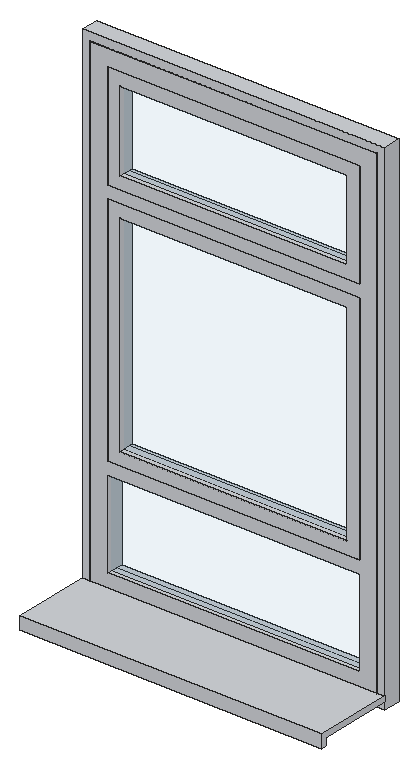
Revit family "AVLN_Окно_Две Фрамуга_1 створка", category Окна, Revit 2019
Family settings
  Основа = Стена
  Номер OmniClass = 23.30.20.00
  Заголовок OmniClass = Windows
  Всегда вертикально = Да
  При загрузке вырезать с полостями = Нет
  Общий = Нет
  Точка расчета площади = Нет
Parameters (values of type "Для копирования!")
  Ширина рамы = 70 mm
  Ширина импоста = 50 mm
  Четверть слева/справа = 50 mm
  Четверть низ = 0 mm  # constant formula
  Четверть верх = 50 mm
  Створка_сверху_высота = 420 mm
  Створка_снизу_высота = 350 mm
  Створка_толщина = 25 mm  # constant formula
  Толщина основы [instance] = 200 mm
  Створка_ширина = Width - ((Ширина рамы * 2) + (Монтажный зазор * 2))  # 1000 mm
  Створка_слева_ширина = 600 mm
  Створка_профиль = 50 mm
  Створка_высота = Height - (Створка_снизу_высота + Створка_сверху_высота + (Ширина рамы * 2) + (Ширина импоста * 2) + (Монтажный зазор * 2))  # 930 mm
  Центр право открывание = АВЛН_Створка открывная : Створка откидная
  Rough Width = Width - Монтажный зазор * 2  # 1140 mm
  Rough Height = Height - Монтажный зазор * 2  # 1940 mm
  Подстановочный профиль_Ширина = 20 mm  # constant formula
  Подстановочный профиль_Толщина = 60 mm
  Подоконник_Толщина = 20 mm
  Подоконник_Длина = Width  # 1200 mm
  Подоконник_Глубина = 280 mm
  Подоконник = yes
  Низ право открывание = АВЛН_Створка открывная : Створка глухая
  Глубина вставки = 0 mm
  Отлив_Толщина = 1 mm  # constant formula
  Отлив_Длина = Width - [Четверть слева/справа] * 2  # 1100 mm
  Отлив_Глубина = 280 mm
  Отлив = no
  Откос_Н.Ширина = Width - 2 * [Четверть слева/справа]  # 1100 mm
  Откос_Н.Толщина.8 = 32 mm
  Откос_Н.Толщина.7 = 28 mm
  Откос_Н.Толщина.6 = 24 mm
  Откос_Н.Толщина.5 = 20 mm
  Откос_Н.Толщина.4 = 16 mm
  Откос_Н.Толщина.3 = 12 mm
  Откос_Н.Толщина.2 = 8 mm
  Откос_Н.Толщина.1 = 4 mm
  Откос_Н.Отступ_П = 0 mm  # constant formula
  Откос_Н.Отступ_Л = 0 mm  # constant formula
  Откос_Н.Количество слоев = 0
  Откос_Н.Глубина = 150 mm
  Откос_Н.Высота = Height - Четверть верх - Четверть низ  # 1950 mm
  Откос_В.Толщина.8 = 32 mm
  Откос_В.Толщина.7 = 28 mm
  Откос_В.Толщина.6 = 24 mm
  Откос_В.Толщина.5 = 20 mm
  Откос_В.Толщина.4 = 16 mm
  Откос_В.Толщина.3 = 12 mm
  Откос_В.Толщина.2 = 8 mm
  Откос_В.Толщина.1 = 4 mm
  Откос_В.Отступ_П [instance] = Монтажный зазор + Подоконник_Толщина  # 50 mm
  Откос_В.Отступ_Л [instance] = Монтажный зазор + Подоконник_Толщина  # 50 mm
  Откос_В.Количество слоев = 0
  Откос_В.Глубина [instance] = Толщина основы - Глубина вставки - Ширина рамы  # 130 mm
  Монтажный зазор = 30 mm
  М.Подоконник = none
  М.Отлив = none
  М.Откос_Н.8 = none
  М.Откос_Н.7 = none
  М.Откос_Н.6 = none
  М.Откос_Н.5 = none
  М.Откос_Н.4 = none
  М.Откос_Н.3 = none
  М.Откос_Н.2 = none
  М.Откос_Н.1 = ADSK_Полимеры_ Поливинилхлорид_(ПВХ) белый
  М.Откос_В.8 = none
  М.Откос_В.7 = none
  М.Откос_В.6 = none
  М.Откос_В.5 = none
  М.Откос_В.4 = none
  М.Откос_В.3 = none
  М.Откос_В.2 = none
  М.Откос_В.1 = ADSK_Полимеры_ Поливинилхлорид_(ПВХ) белый
  М.Монтажного зазора = none
  М.Стекла = Стекло
  М.Рамы = none
  М.Подоконный профиль = none
  Type Comments = ""
  Height = 2000 mm
  Высота подоконника по умолчанию = 800 mm
  Замыкание стены = По основе
  Width = 1200 mm
  Верх право открывание = АВЛН_Створка открывная : Створка откидная
  Аналитическая конструкция = "<Нет>"
  АВЛН_Проем_Ширина [instance] = Width  # 1200 mm
  АВЛН_Проем_Высота [instance] = Height  # 2000 mm
  ADSK_Этаж [instance] = ""
  ADSK_Размер_Ширина = Width  # 1200 mm
  ADSK_Размер_Высота = Height  # 2000 mm
  ADSK_Примечание [instance] = ""
  ADSK_Площадь = Height * Width  # 2.40 m²
  ADSK_Обозначение = ""
  ADSK_Номер секции [instance] = ""
  ADSK_Наименование = ""
  ADSK_Марка = ""
  ADSK_Группирование = ""
  -----------Разрезка----------- = "-----------"  # constant formula
  -----------Профили----------- = "-----------"  # constant formula
  -----------Подоконник----------- = "-----------"  # constant formula
  -----------Отлив----------- = "-----------"  # constant formula
  -----------Откос----------- = "-----------"  # constant formula
  -----------Основные габариты----------- = "-----------"  # constant formula
  -----------Вставка----------- = "-----------"  # constant formula
Reference planes
  plane 1 "По центру (Вперед/Назад)": y = 0
  plane 2 "По центру (Влево/Вправо)": x = 0
  plane 3 "Слева": x = -600
  plane 4 "Справа": x = 600
  plane 5 "Подоконник": z = 800
  plane 6 "Заголовок": z = 2800
  plane 7 "Наружный": y = 100
  plane 8 "Внутренние": y = -100
  plane 9 "Окно": y = 100
  plane 10: x = 570
  plane 11: z = 2770
  plane 12: x = -570
  plane 13: z = 830
  plane 14: x = 550
  plane 15: x = -550
  plane 16: z = 1800
  plane 17: y = 600
  plane 18: y = -400
  plane 19: z = 2750
  plane 20 "Чет. низ": z = 800
  plane 21 "Внутряння грань": y = 30
  plane 22: y = 80
  plane 23 "Импост верх": z = 1300
  plane 24 "Импост низ": z = 1250
  plane 25: z = 900
  plane 26: z = 2700
  plane 27: x = -500
  plane 28: x = 500
  plane 29 "4": z = 1275
  plane 30 "9": x = 0
  plane 31 "12": z = 1765
  plane 32: z = 1075
  plane 33 "14": z = 2280
  plane 34 "15": z = 2230
  plane 35 "16": z = 2255
  plane 36: z = 2490
Forms (mm)
  Extrusion 1, void
    sketch origin (0, 100, 0) x (1, 0, 0) y (0, 0, 1)
      loop
        line (550, 2750) -> (-550, 2750) -> (-550, 800) -> (550, 800) -> (550, 2750)
    from -500 to 20
  Extrusion 2, void
    sketch origin (0, 100, 0) x (1, 0, 0) y (0, 0, 1)
      loop
        line (600, 2800) -> (-600, 2800) -> (-600, 800) -> (600, 800) -> (600, 2800)
    from 0 to 500
  Extrusion 3, solid, material <- "М.Монтажного зазора", detail levels medium+fine
    sketch origin (0, 100, 0) x (1, 0, 0) y (0, 0, 1)
      loop
        line (600, 2800) -> (-600, 2800) -> (-600, 800) -> (600, 800) -> (600, 2800)
      loop
        line (-570, 2770) -> (-570, 830) -> (570, 830) -> (570, 2770) -> (-570, 2770)
    from 0 to 70
  Extrusion 4, solid, material <- "М.Рамы", detail levels medium+fine
    sketch origin (0, 100, 0) x (-1, 0, 0) y (0, 0, 1)
      loop
        line (-570, 2770) -> (-570, 830) -> (570, 830) -> (570, 2770) -> (-570, 2770)
      loop
        line (500, 2700) -> (-500, 2700) -> (-500, 2280) -> (500, 2280) -> (500, 2700)
      loop
        line (500, 1250) -> (-500, 1250) -> (-500, 900) -> (500, 900) -> (500, 1250)
      loop
        line (500, 1300) -> (500, 2230) -> (-500, 2230) -> (-500, 1300) -> (500, 1300)
    from -70 to 0
Lines and regions (mm)
  reference lines
    curve 1: line (-600, -100, 1275) -> (600, -100, 1275)
    curve 2: line (-600, -100, 2255) -> (600, -100, 2255)
Text (mm)
  text "EXTERIOR" at (-1963.203, 1332.353, 0), in view "Опорный уровень"
  text "INTERIOR" at (-1981.466, -818.386, 0), in view "Опорный уровень"
  text "Наружный" at (0, 923.751, 2943.296), in view "Справа"
  text "Наружный" at (0, 1240.237, 2685.409), in view "Слева"
Dimensions and locks
  equal spacing: plane 3 "Слева", plane 2 "По центру (Влево/Вправо)", plane 4 "Справа"
  "Width": plane 3 "Слева" to plane 4 "Справа"
  "Height": plane 5 "Подоконник" to plane 6 "Заголовок"
  "Высота подоконника по умолчанию": plane 5 "Подоконник" to level
  locked: plane 7 "Наружный" to host wall at 0
  locked: plane 8 "Внутренние" to host wall
  "Глубина вставки": plane 9 "Окно" to plane 7 "Наружный"
  "Монтажный зазор": plane 10 to plane 4 "Справа"
  "Монтажный зазор": plane 3 "Слева" to plane 12
  "Монтажный зазор": plane 11 to plane 6 "Заголовок"
  "Монтажный зазор": plane 5 "Подоконник" to plane 13
  "Четверть слева/справа": plane 14 to plane 4 "Справа"
  "Четверть слева/справа": plane 3 "Слева" to plane 15
  equal spacing: plane 5 "Подоконник", plane 16, plane 6 "Заголовок"
  locked: plane 7 "Наружный" to plane 17 at 500
  locked: plane 18 to plane 8 "Внутренние" at 300
  "Четверть верх": plane 19 to plane 6 "Заголовок"
  "Четверть низ": plane 5 "Подоконник" to plane 20 "Чет. низ"
  "Ширина рамы": plane 9 "Окно" to plane 21 "Внутряння грань"
  "Толщина основы": host wall to host wall
  locked: plane 22 to plane 21 "Внутряння грань" at 50
  "Ширина импоста": plane 24 "Импост низ" to plane 23 "Импост верх"
  "Ширина рамы": plane 28 to plane 10
  "Ширина рамы": plane 12 to plane 27
  "Ширина рамы": plane 13 to plane 25
  "Ширина рамы": plane 26 to plane 11
  plane 23 "Импост верх" to plane 26 = 1400 mm
  "Створка_снизу_высота": plane 25 to plane 24 "Импост низ"
  equal spacing: plane 23 "Импост верх", plane 29 "4", plane 24 "Импост низ"
  equal spacing: plane 34 "15", plane 31 "12", plane 23 "Импост верх"
  equal spacing: plane 24 "Импост низ", plane 32, plane 25
  plane 23 "Импост верх" to nested 5 to plane 26 = 465 mm, 935 mm
  plane 25 to plane 32 to plane 24 "Импост низ" = 175 mm, 175 mm
  "Ширина импоста": plane 34 "15" to plane 33 "14"
  equal spacing: plane 33 "14", plane 35 "16", plane 34 "15"
  "Створка_сверху_высота": plane 33 "14" to plane 26
  equal spacing: plane 33 "14", plane 36, plane 26
  aligned and locked: Extrusion 1 sketch curve to plane 14
  aligned and locked: Extrusion 1 sketch curve to plane 15
  aligned and locked: plane 17 to Extrusion 1
  aligned and locked: Extrusion 2 sketch curve to plane 6 "Заголовок"
  aligned and locked: Extrusion 2 sketch curve to plane 4 "Справа"
  aligned and locked: plane 5 "Подоконник" to Extrusion 2 sketch curve
  aligned and locked: plane 3 "Слева" to Extrusion 2 sketch curve
  aligned and locked: plane 9 "Окно" to Extrusion 2
  aligned and locked: Extrusion 2 to plane 18
  aligned and locked: Extrusion 1 sketch curve to plane 19
  aligned and locked: plane 20 "Чет. низ" to Extrusion 1 sketch curve
  aligned and locked: plane 9 "Окно" to nested 1
  aligned and locked: plane 2 "По центру (Влево/Вправо)" to nested 1
  aligned and locked: nested 2 to plane 21 "Внутряння грань"
  aligned and locked: nested 2 to plane 2 "По центру (Влево/Вправо)"
  aligned and locked: nested 3 to plane 2 "По центру (Влево/Вправо)"
  aligned and locked: plane 8 "Внутренние" to nested 3
  aligned and locked: nested 4 to plane 9 "Окно"
  aligned and locked: Extrusion 3 sketch curve to plane 6 "Заголовок"
  aligned and locked: Extrusion 3 sketch curve to plane 4 "Справа"
  aligned and locked: Extrusion 3 sketch curve to nested 2  (x2)
  aligned and locked: Extrusion 3 sketch curve to plane 11
  aligned and locked: Extrusion 3 sketch curve to plane 12
  aligned and locked: plane 13 to Extrusion 3 sketch curve
  aligned and locked: Extrusion 3 sketch curve to plane 10
  aligned and locked: Extrusion 3 to nested 2
  aligned and locked: Extrusion 4 sketch curve to Extrusion 4 sketch curve
  aligned and locked: plane 27 to Extrusion 4 sketch curve
  aligned and locked: Extrusion 4 sketch curve to plane 12
  aligned and locked: plane 13 to Extrusion 4 sketch curve
  aligned and locked: Extrusion 4 sketch curve to plane 11
  aligned and locked: plane 20 "Чет. низ" to nested 4
  aligned and locked: nested 4 to plane 2 "По центру (Влево/Вправо)"
  aligned and locked: plane 9 "Окно" to Extrusion 3
  aligned and locked: Extrusion 4 to plane 21 "Внутряння грань"
  aligned and locked: plane 9 "Окно" to Extrusion 4
  aligned and locked: Extrusion 1 to plane 22
  aligned and locked: curve 1 to plane 29 "4"
  aligned and locked: plane 3 "Слева" to curve 1
  aligned and locked: plane 4 "Справа" to curve 1
  aligned and locked: Extrusion 4 sketch curve to plane 10
  aligned and locked: plane 26 to Extrusion 4 sketch curve
  aligned and locked: Extrusion 4 sketch curve to plane 25
  aligned and locked: Extrusion 4 sketch curve to plane 28
  aligned and locked: Extrusion 4 sketch curve to plane 24 "Импост низ"
  aligned and locked: Extrusion 4 sketch curve to plane 23 "Импост верх"
  aligned and locked: plane 31 "12" to nested 5
  aligned and locked: plane 32 to nested 6
  aligned and locked: plane 28 to Extrusion 4
  aligned and locked: Extrusion 4 to plane 27
  aligned and locked: plane 33 "14" to Extrusion 4 sketch curve
  aligned and locked: plane 34 "15" to Extrusion 4 sketch curve
  aligned and locked: plane 36 to nested 7
  aligned and locked: curve 2 to plane 35 "16"
  aligned and locked: plane 30 "9" to nested 7
  aligned and locked: plane 30 "9" to nested 5
  aligned and locked: plane 30 "9" to nested 6
Automatic sketch dimensions
  plane 28 to Extrusion 4 sketch curve = 0 mm  (x2)
  plane 27 to Extrusion 4 sketch curve = 0 mm
  plane 3 "Слева" to curve 2 = 0 mm
  plane 4 "Справа" to curve 2 = 0 mm
Nested families
  nested 1: "Отлив" at (0, 100, 800) x (-1, 0, 0) z (0, 0, 1), Глубина отлива <- "Отлив_Глубина", Длина отлива <- "Отлив_Длина", ТО <- "Отлив_Толщина", Ш_МЗЗ <- "Монтажный зазор", Ш_ПП <- "Подстановочный профиль_Ширина", ADSK_Группирование <- "ADSK_Группирование", ADSK_Номер секции <- "ADSK_Номер секции", ADSK_Этаж <- "ADSK_Этаж", visible <- "Отлив", М <- "М.Отлив", type "Отлив", detail levels fine
    with Ш_ПП 20 mm, Ш_МЗЗ 30 mm, ТО 1 mm, М none, Длина отлива 1100 mm, Глубина отлива 280 mm, ADSK_Этаж "", ADSK_Примечание "", ADSK_Обозначение "", ADSK_Номер секции "", ADSK_Наименование "", ADSK_Марка "", ADSK_Группирование ""
  nested 2: "Подоконник" at (0, 30, 800), Глубина подоконника <- "Подоконник_Глубина", Длина отлива <- "Подоконник_Длина", ТП <- "Подоконник_Толщина", Ш_МЗЗ <- "Монтажный зазор", Ш_ПП <- "Подстановочный профиль_Ширина", ADSK_Группирование <- "ADSK_Группирование", ADSK_Номер секции <- "ADSK_Номер секции", ADSK_Этаж <- "ADSK_Этаж", visible <- "Подоконник", М <- "М.Подоконник", type "Подоконник", detail levels fine
    with Ш_ПП 20 mm, Ш_МЗЗ 30 mm, ТП 20 mm, М none, Длина отлива 1200 mm, Глубина подоконника 280 mm, ADSK_Этаж "", ADSK_Примечание "", ADSK_Обозначение "", ADSK_Номер секции "", ADSK_Наименование "", ADSK_Марка "", ADSK_Группирование ""
  nested 3: "AVLN_Откосы_R19" at (0, -100, 0), Глубина <- "Откос_В.Глубина", Высота от уровня <- "Высота подоконника по умолчанию", ADSK_Группирование <- "Type Comments", ADSK_Этаж <- "ADSK_Этаж", ADSK_Номер секции <- "ADSK_Номер секции", Материал_1 <- "М.Откос_В.1", Материал_2 <- "М.Откос_В.2", Материал_3 <- "М.Откос_В.3", Материал_4 <- "М.Откос_В.4", Материал_5 <- "М.Откос_В.5", Материал_6 <- "М.Откос_В.6", Материал_7 <- "М.Откос_В.7", Материал_8 <- "М.Откос_В.8", Толщина_1 <- "Откос_В.Толщина.1", Толщина_2 <- "Откос_В.Толщина.2", Толщина_3 <- "Откос_В.Толщина.3", Толщина_4 <- "Откос_В.Толщина.4", Толщина_5 <- "Откос_В.Толщина.5", Толщина_6 <- "Откос_В.Толщина.6", Толщина_7 <- "Откос_В.Толщина.7", Толщина_8 <- "Откос_В.Толщина.8", Количество слоев <- "Откос_В.Количество слоев", Отступ_Л <- "Откос_В.Отступ_Л", Отступ_П <- "Откос_В.Отступ_П", Высота <- "Height", Ширина <- "Width", type "AVLN_Откосы_R19"
    with Ширина_8 976 mm, Ширина_7 1032 mm, Ширина_6 1080 mm, Ширина_5 1120 mm, Ширина_4 1152 mm, Ширина_3 1176 mm, Ширина_2 1192 mm, Ширина 1200 mm, Толщина_8 32 mm, Толщина_7 28 mm, Толщина_6 24 mm, Толщина_5 20 mm, Толщина_4 16 mm, Толщина_3 12 mm, Толщина_2 8 mm, Толщина_1 4 mm, Отступ_П 50 mm, Отступ_Л 50 mm, Материал_8 none, Материал_7 none, Материал_6 none, Материал_5 none, Материал_4 none, Материал_3 none, Материал_2 none, Материал_1 ADSK_Полимеры_ Поливинилхлорид_(ПВХ) белый, Количество слоев 0, Глубина 130 mm, Высота_8 1888 mm, Высота_7 1916 mm, Высота_6 1940 mm, Высота_5 1960 mm, Высота_4 1976 mm, Высота_3 1988 mm, Высота_2 1996 mm, Высота от уровня 800 mm, Высота 2000 mm, Видимость_8 no, Видимость_7 no, Видимость_6 no, Видимость_5 no, Видимость_4 no, Видимость_3 no, Видимость_2 no, Видимость_1 no, ADSK_Этаж "", ADSK_Номер секции "", ADSK_Группирование ""
  nested 4: "AVLN_Откосы_R19" at (0, 100, 0), Ширина <- "Откос_Н.Ширина", Глубина <- "Откос_Н.Глубина", Высота <- "Откос_Н.Высота", Высота от уровня <- "Высота подоконника по умолчанию", ADSK_Группирование <- "Type Comments", ADSK_Этаж <- "ADSK_Этаж", ADSK_Номер секции <- "ADSK_Номер секции", Материал_1 <- "М.Откос_Н.1", Материал_2 <- "М.Откос_Н.2", Материал_3 <- "М.Откос_Н.3", Материал_4 <- "М.Откос_Н.4", Материал_5 <- "М.Откос_Н.5", Материал_6 <- "М.Откос_Н.6", Материал_7 <- "М.Откос_Н.7", Материал_8 <- "М.Откос_Н.8", Толщина_1 <- "Откос_Н.Толщина.1", Толщина_2 <- "Откос_Н.Толщина.2", Толщина_3 <- "Откос_Н.Толщина.3", Толщина_4 <- "Откос_Н.Толщина.4", Толщина_5 <- "Откос_Н.Толщина.5", Толщина_6 <- "Откос_Н.Толщина.6", Толщина_7 <- "Откос_Н.Толщина.7", Толщина_8 <- "Откос_Н.Толщина.8", Количество слоев <- "Откос_Н.Количество слоев", Отступ_Л <- "Откос_Н.Отступ_Л", Отступ_П <- "Откос_Н.Отступ_П", type "AVLN_Откосы_R19"
    with Ширина_8 876 mm, Ширина_7 932 mm, Ширина_6 980 mm, Ширина_5 1020 mm, Ширина_4 1052 mm, Ширина_3 1076 mm, Ширина_2 1092 mm, Ширина 1100 mm, Толщина_8 32 mm, Толщина_7 28 mm, Толщина_6 24 mm, Толщина_5 20 mm, Толщина_4 16 mm, Толщина_3 12 mm, Толщина_2 8 mm, Толщина_1 4 mm, Отступ_П 0 mm, Отступ_Л 0 mm, Материал_8 none, Материал_7 none, Материал_6 none, Материал_5 none, Материал_4 none, Материал_3 none, Материал_2 none, Материал_1 ADSK_Полимеры_ Поливинилхлорид_(ПВХ) белый, Количество слоев 0, Глубина 150 mm, Высота_8 1838 mm, Высота_7 1866 mm, Высота_6 1890 mm, Высота_5 1910 mm, Высота_4 1926 mm, Высота_3 1938 mm, Высота_2 1946 mm, Высота от уровня 800 mm, Высота 1950 mm, Видимость_8 no, Видимость_7 no, Видимость_6 no, Видимость_5 no, Видимость_4 no, Видимость_3 no, Видимость_2 no, Видимость_1 no, ADSK_Этаж "", ADSK_Номер секции "", ADSK_Группирование ""
  nested 5: "АВЛН_Створка открывная" at (0, 30, 1765) x (1, 0, 0) z (0, 1, 0), type <- "Центр право открывание", Створка высота <- "Створка_высота", Створка ширина <- "Створка_ширина", Ширина рамы <- "Створка_профиль", Материал_Ручки <- "М.Рамы", Материал_Рама <- "М.Рамы", Материал_Стеклопакет <- "М.Стекла", type "Створка откидная", detail levels medium+fine
    with Ширина рамы 50 mm, Створка ширина 1000 mm, Створка высота 930 mm, Материал_Стеклопакет Стекло, Материал_Ручки none, Материал_Рама none, Width 600 mm, Height 930 mm
  nested 6: "АВЛН_Створка открывная" at (0, 30, 1075) x (1, 0, 0) z (0, 1, 0), type <- "Низ право открывание", Створка высота <- "Створка_снизу_высота", Створка ширина <- "Створка_ширина", Ширина рамы <- "Створка_профиль", Материал_Ручки <- "М.Рамы", Материал_Рама <- "М.Рамы", Материал_Стеклопакет <- "М.Стекла", type "Створка глухая", detail levels medium+fine
    with Ширина рамы 50 mm, Створка ширина 1000 mm, Створка высота 350 mm, Материал_Стеклопакет Стекло, Материал_Ручки none, Материал_Рама none, Height 930 mm
  nested 7: "АВЛН_Створка открывная" at (0, 30, 2490) x (1, 0, 0) z (0, 1, 0), type <- "Верх право открывание", Створка высота <- "Створка_сверху_высота", Створка ширина <- "Створка_ширина", Ширина рамы <- "Створка_профиль", Материал_Ручки <- "М.Рамы", Материал_Рама <- "М.Рамы", Материал_Стеклопакет <- "М.Стекла", type "Створка откидная", detail levels medium+fine
    with Ширина рамы 50 mm, Створка ширина 1000 mm, Створка высота 420 mm, Материал_Стеклопакет Стекло, Материал_Ручки none, Материал_Рама none, Width 600 mm, Height 930 mm
Definition of nested family "Отлив"
  Parameters (values of type "Отлив")
    Ш_ПП [instance] = 50 mm
    Ш_МЗЗ [instance] = 35 mm
    ТО [instance] = 1 mm
    Default Elevation = 1219.2 mm
    М [instance] = none
    Длина отлива [instance] = 1560 mm
    Глубина отлива [instance] = 280 mm
    ADSK_Этаж [instance] = ""
    ADSK_Примечание [instance] = ""
    ADSK_Обозначение [instance] = ""
    ADSK_Номер секции [instance] = ""
    ADSK_Наименование [instance] = ""
    ADSK_Марка [instance] = ""
    ADSK_Группирование [instance] = ""
  Reference planes
    plane 1 "По центру (Вперед/Назад)": y = 0
    plane 2: z = 0
    plane 3 "По центру (Влево/Вправо)": x = 0
    plane 4: y = -280
    plane 5: x = -780
    plane 6: x = 780
    plane 7: z = 35
    plane 8: z = 85
    plane 9: y = -1
    plane 10: y = -300
    plane 11: y = -301
    plane 12: z = -35
    plane 13: z = 34
  Forms (mm)
    Extrusion 1, solid, material <- "М"
      sketch origin (0, 0, 0) x (0, 1, 0) y (0, 0, 1)
        loop
          line (0, 85) -> (-1, 85) -> (-1, 34.893) -> (-301, 0.893) -> (-301, -35) -> (-300, -35) -> (-300, 0) -> (0, 34) -> (0, 85)
      from -780 to 780
  Dimensions and locks
    equal spacing: plane 5, plane 3 "По центру (Влево/Вправо)", plane 6
    "Длина отлива": plane 5 to plane 6
    "Глубина отлива": plane 4 to plane 1 "По центру (Вперед/Назад)"
    "Ш_МЗЗ": plane 7 to level
    "Ш_ПП": plane 8 to plane 7
    "ТО": plane 1 "По центру (Вперед/Назад)" to plane 9
    "ТО": plane 10 to plane 11
    locked: level to plane 12 at 35
    "ТО": plane 7 to plane 13
    "ТО": Extrusion 1 sketch curve to Extrusion 1 sketch curve
    locked: plane 4 to plane 10 at 20
    aligned and locked: level to plane 2
    aligned and locked: plane 8 to Extrusion 1 sketch curve
    aligned and locked: plane 9 to Extrusion 1 sketch curve
    aligned and locked: plane 11 to Extrusion 1 sketch curve
    aligned and locked: plane 12 to Extrusion 1 sketch curve
    aligned and locked: plane 1 "По центру (Вперед/Назад)" to Extrusion 1 sketch curve  (x2)
    aligned and locked: plane 13 to Extrusion 1 sketch curve
    aligned and locked: level to Extrusion 1 sketch curve
    aligned and locked: plane 10 to Extrusion 1 sketch curve
    aligned and locked: plane 6 to Extrusion 1
    aligned and locked: Extrusion 1 to plane 5
Definition of nested family "Подоконник"
  Parameters (values of type "Подоконник")
    Ш_ПП [instance] = 50 mm
    Ш_МЗЗ [instance] = 35 mm
    ТП [instance] = 20 mm
    Default Elevation = 1219.2 mm
    М [instance] = none
    Длина отлива [instance] = 1560 mm
    Глубина подоконника [instance] = 280 mm
    ADSK_Этаж [instance] = ""
    ADSK_Примечание [instance] = ""
    ADSK_Обозначение [instance] = ""
    ADSK_Номер секции [instance] = ""
    ADSK_Наименование [instance] = ""
    ADSK_Марка [instance] = ""
    ADSK_Группирование [instance] = ""
  Reference planes
    plane 1 "По центру (Вперед/Назад)": y = 0
    plane 2: z = 0
    plane 3 "По центру (Влево/Вправо)": x = 0
    plane 4: y = -280
    plane 5: x = -780
    plane 6: x = 780
    plane 7: z = 35
    plane 8: z = 85
    plane 9: y = -20
    plane 10: y = -290
    plane 11: y = -310
    plane 12: z = -35
    plane 13: z = 15
    plane 14: z = 65
  Forms (mm)
    Extrusion 1, solid, material <- "М"
      sketch origin (0, 0, 0) x (0, 1, 0) y (0, 0, 1)
        loop
          line (0, 85) -> (-310, 85) -> (-310, 0) -> (-290, 0) -> (-290, 65) -> (0, 65) -> (0, 85)
      from -780 to 780
  Dimensions and locks
    equal spacing: plane 5, plane 3 "По центру (Влево/Вправо)", plane 6
    "Длина отлива": plane 5 to plane 6
    "Глубина подоконника": plane 4 to plane 1 "По центру (Вперед/Назад)"
    "Ш_МЗЗ": plane 7 to level
    "Ш_ПП": plane 8 to plane 7
    "ТП": plane 1 "По центру (Вперед/Назад)" to plane 9
    "ТП": plane 10 to plane 11
    locked: level to plane 12 at 35
    "ТП": plane 7 to plane 13
    locked: plane 4 to plane 10 at 10
    "ТП": plane 8 to plane 14
    aligned and locked: level to plane 2
    aligned and locked: plane 8 to Extrusion 1 sketch curve
    aligned and locked: plane 1 "По центру (Вперед/Назад)" to Extrusion 1 sketch curve
    aligned and locked: plane 10 to Extrusion 1 sketch curve
    aligned and locked: plane 11 to Extrusion 1 sketch curve
    aligned and locked: level to Extrusion 1 sketch curve
    aligned and locked: plane 14 to Extrusion 1 sketch curve
    aligned and locked: Extrusion 1 to plane 5
    aligned and locked: plane 6 to Extrusion 1
Definition of nested family "АВЛН_Створка открывная"
  Parameters (values of type "Створка повороно-откидная правая")
    Ширина рамы [instance] = 50 mm
    Width = 600 mm
    Створка ширина [instance] = 800 mm
    Створка высота [instance] = 700 mm
    Материал_Стеклопакет [instance] = none
    Поворотная Правая = yes
    Поворотная Левая = no
    Default Elevation = 1219.2 mm
    Открываная = yes
    Откидная = yes
    Материал_Ручки [instance] = none
    Материал_Рама [instance] = none
    Левая = yes
    Глухое = no
    Height = 1150 mm
    Analytic Construction = "<Нет>"
  Types (6, lengths in mm): name | Width | Поворотная Правая | Поворотная Левая | Открываная | Откидная | Глухое | Height
    Створка повороно-откидная правая | 600 | yes | no | yes | yes | no | 1150
    Створка повороно-откидная левая | 600 | no | yes | yes | yes | no | 1150
    Створка глухая | 600 | no | no | no | no | yes | 1150
    Створка откидная | 1300 | no | no | yes | yes | no | 1700
    Створка поворотная правая | 600 | yes | no | yes | no | no | 1150
    Створка поворотная левая | 600 | no | yes | yes | no | no | 1150
  Reference planes
    plane 1 "По центру (Вперед/Назад)": y = 0
    plane 2 "Внутрення грань": z = 0
    plane 3 "По центру (Влево/Вправо)": x = 0
    plane 4: y = 350
    plane 5: x = 400
    plane 6: y = -350
    plane 7: x = -400
    plane 8 "Наружняя грань": z = 60.433
    plane 9 "По центру Л/Р": z = 30.216
  Forms (mm)
    Extrusion 1, solid
      sketch origin (0, 0, 0) x (1, 0, 0) y (0, 1, 0)
        loop
          line (-1219.2, 1219.2) -> (-1219.2, -1219.2) -> (1219.2, -1219.2) -> (1219.2, 1219.2) -> (-1219.2, 1219.2)
      from 0 to -304.8
    Sweep 2, solid, material <- "Материал_Рама", visible <- "Открываная"
      path origin (0, 0, 0) x (1, 0, 0) y (0, 1, 0)
        loop
          line (400, 350) -> (-400, 350) -> (-400, -350) -> (400, -350) -> (400, 350)
      profile origin (0, 350, 0) x (0, -1, 0) y (0, 0, 1)
        loop
          line (0, 0) -> (50, 0) -> (50, 60.433) -> (0, 60.433) -> (0, 0)
    Extrusion 3, solid, material <- "Материал_Стеклопакет", visible <- "Открываная"
      sketch origin (0, 0, 0) x (1, 0, 0) y (0, 1, 0)
        loop
          line (-350, 300) -> (-350, -300) -> (350, -300) -> (350, 300) -> (-350, 300)
      from 17.481 to 42.952
    Extrusion 4, solid, material <- "Материал_Стеклопакет", visible <- "Глухое"
      sketch origin (0, 0, 0) x (1, 0, 0) y (0, 1, 0)
        loop
          line (-400, 350) -> (-400, -350) -> (400, -350) -> (400, 350) -> (-400, 350)
      from 17.481 to 42.952
  Lines and regions (mm)
    model lines, visible <- "Глухое", detail levels medium+fine
      curve 1: line (0, 50, 60.433) -> (0, -50, 60.433)
      curve 2: line (50, 0, 60.433) -> (-50, 0, 60.433)
      curve 17: line (0, 50, 0) -> (0, -50, 0)
      curve 18: line (50, 0, 0) -> (-50, 0, 0)
    model lines, visible <- "Глухое", not visible, detail levels medium+fine
      curve 3: line (60, 38.001, 60.433) -> (60, -61.999, 60.433)
      curve 4: line (110, -11.999, 60.433) -> (10, -11.999, 60.433)
    model lines, visible <- "Поворотная Правая", detail levels medium+fine
      curve 5: line (400, 350, 0) -> (-400, 0, 0)
      curve 6: line (400, -350, 0) -> (-400, 0, 0)
      curve 13: line (400, 350, 60.433) -> (-400, 0, 60.433)
      curve 14: line (400, -350, 60.433) -> (-400, 0, 60.433)
    model lines, visible <- "Откидная", detail levels medium+fine
      curve 7: line (-400, -350, 0) -> (0, 350, 0)
      curve 8: line (0, 350, 0) -> (400, -350, 0)
      curve 15: line (-400, -350, 60.433) -> (0, 350, 60.433)
      curve 16: line (0, 350, 60.433) -> (400, -350, 60.433)
    model lines, visible <- "Поворотная Левая", detail levels medium+fine
      curve 9: line (-400, 350, 0) -> (400, 0, 0)
      curve 10: line (-400, -350, 0) -> (400, 0, 0)
      curve 11: line (-400, 350, 60.433) -> (400, 0, 60.433)
      curve 12: line (-400, -350, 60.433) -> (400, 0, 60.433)
  Dimensions and locks
    "Створка высота": plane 4 to plane 6
    "Створка ширина": plane 7 to plane 5
    equal spacing: plane 7, plane 3 "По центру (Влево/Вправо)", plane 5
    equal spacing: plane 6, plane 1 "По центру (Вперед/Назад)", plane 4
    plane 2 "Внутрення грань" to plane 8 "Наружняя грань" = 60.433 mm
    level to Extrusion 4 = 42.952 mm
    plane 8 "Наружняя грань" to level = 60.433 mm
    equal spacing: Extrusion 3, plane 9 "По центру Л/Р", Extrusion 3
    equal spacing: plane 8 "Наружняя грань", plane 9 "По центру Л/Р", level
    Extrusion 3 to Extrusion 3 = 25.471 mm
    "Ширина рамы": profile plane to Sweep 2 sketch curve
    equal spacing: Extrusion 4, plane 9 "По центру Л/Р", Extrusion 4, locked at 12.735 each
    locked: Extrusion 4 to Extrusion 4 at 25.471
    equal spacing: Sweep 2, nested 1, Sweep 2
    equal spacing: Sweep 2, nested 2, Sweep 2
    aligned and locked: plane 2 "Внутрення грань" to Extrusion 1
    aligned and locked: level to Extrusion 1
    aligned and locked: plane 4 to Sweep 2 sketch curve
    aligned and locked: plane 5 to Sweep 2 sketch curve
    aligned and locked: plane 6 to Sweep 2 sketch curve
    aligned and locked: Sweep 2 sketch curve to plane 7
    aligned and locked: Extrusion 3 sketch curve to Sweep 2  (x4)
    aligned and locked: Extrusion 4 sketch curve to Sweep 2  (x3)
    aligned and locked: Extrusion 4 sketch curve to plane 5
    aligned and locked: Sweep 2 sketch curve to plane 8 "Наружняя грань"
    aligned and locked: plane 6 to Extrusion 4
    aligned and locked: plane 4 to Extrusion 4
    aligned and locked: curve 2 to plane 1 "По центру (Вперед/Назад)"
    aligned and locked: curve 1 to plane 3 "По центру (Влево/Вправо)"
    aligned and locked: curve 18 to plane 1 "По центру (Вперед/Назад)"
    aligned and locked: curve 17 to plane 3 "По центру (Влево/Вправо)"
    aligned and locked: nested 2 to plane 1 "По центру (Вперед/Назад)"
    aligned and locked: nested 1 to plane 1 "По центру (Вперед/Назад)"
  Automatic sketch dimensions
    Extrusion 1 sketch curve to Extrusion 1 sketch curve = 2438.4 mm  (x2)
    plane 1 "По центру (Вперед/Назад)" to curve 5 = 0 mm
    curve 5 to plane 7 = 0 mm
    curve 9 to plane 4 = 0 mm
    curve 9 to plane 7 = 0 mm
    plane 6 to curve 7 = 0 mm
    curve 7 to plane 7 = 0 mm
    curve 7 to plane 3 "По центру (Влево/Вправо)" = 0 mm
    curve 6 to plane 5 = 0 mm
    plane 1 "По центру (Вперед/Назад)" to curve 9 = 0 mm
    curve 9 to plane 5 = 0 mm
    curve 5 to plane 4 = 0 mm
    curve 5 to plane 5 = 0 mm
    plane 6 to curve 8 = 0 mm
    curve 8 to plane 4 = 0 mm
    curve 11 to plane 4 = 0 mm
    curve 11 to plane 7 = 0 mm
    plane 6 to curve 15 = 0 mm
    curve 15 to plane 7 = 0 mm
    plane 1 "По центру (Вперед/Назад)" to curve 14 = 0 mm
    curve 14 to plane 7 = 0 mm
    curve 15 to plane 3 "По центру (Влево/Вправо)" = 0 mm
    plane 1 "По центру (Вперед/Назад)" to curve 11 = 0 mm
    curve 11 to plane 5 = 0 mm
    curve 14 to plane 5 = 0 mm
    curve 13 to plane 4 = 0 mm
    curve 13 to plane 5 = 0 mm
    plane 6 to curve 14 = 0 mm
    curve 15 to plane 4 = 0 mm
    plane 1 "По центру (Вперед/Назад)" to curve 2 = 0 mm
    curve 1 to plane 3 "По центру (Влево/Вправо)" = 0 mm
    curve 2 to plane 3 "По центру (Влево/Вправо)" = 50 mm
    plane 3 "По центру (Влево/Вправо)" to curve 2 = 50 mm
    plane 1 "По центру (Вперед/Назад)" to curve 1 = 50 mm
    curve 1 to plane 1 "По центру (Вперед/Назад)" = 50 mm
    curve 18 to curve 17 = 50 mm
    curve 17 to curve 18 = 50 mm
    plane 1 "По центру (Вперед/Назад)" to curve 17 = 50 mm
    curve 17 to plane 1 "По центру (Вперед/Назад)" = 50 mm
    Sweep 2 sketch curve to level = 0 mm
    Sweep 2 sketch curve to profile plane = 0 mm
  Nested families
    nested 1: "АВЛН_Ручка" at (375, 1040, 0) x (1, 0, 0) z (0, -1, 0), visible <- "Поворотная Левая", Материал дверной ручки <- "Материал_Рама", type "АВЛН_Ручка", detail levels fine
      with Материал дверной ручки none, Высота расположения дверной ручки 1040 mm
    nested 2: "АВЛН_Ручка" at (-375, 1040, 0) x (1, 0, 0) z (0, -1, 0), visible <- "Поворотная Правая", Материал дверной ручки <- "Материал_Рама", type "АВЛН_Ручка", detail levels fine
      with Материал дверной ручки none, Высота расположения дверной ручки 1040 mm
  Definition of nested family "АВЛН_Ручка"
    Parameters (values of type "АВЛН_Ручка")
      Default Elevation = 1219.2 mm
      Материал дверной ручки [instance] = none
      Высота расположения дверной ручки [instance] = 1040 mm
      Analytic Construction = "<Нет>"
      b = 25 mm
      a = 75 mm
    Reference planes
      plane 1 "По центру (Вперед/Назад)": y = 0
      plane 2: z = 0
      plane 3 "По центру (Влево/Вправо)": x = 0
      plane 4: z = 1040
      plane 5: x = 12.5
      plane 6: x = -12.5
      plane 7: z = 1002.5
      plane 8: z = 1077.5
      plane 9: y = -15
    Forms (mm)
      Extrusion 1, solid, material <- "Материал дверной ручки"
        sketch origin (0, 0, 2080) x (-1, 0, 0) y (0, 0, -1)
          loop
            arc (-2.5, 1077.5) -> (-9.571, 1074.571) -> (-12.5, 1067.5) r 10
            line (-12.5, 1067.5) -> (-12.5, 1012.5)
            arc (-12.5, 1012.5) -> (-9.571, 1005.429) -> (-2.5, 1002.5) r 10
            line (-2.5, 1002.5) -> (2.5, 1002.5)
            arc (2.5, 1002.5) -> (9.571, 1005.429) -> (12.5, 1012.5) r 10
            line (12.5, 1012.5) -> (12.5, 1067.5)
            arc (12.5, 1067.5) -> (9.571, 1074.571) -> (2.5, 1077.5) r 10
            line (2.5, 1077.5) -> (-2.5, 1077.5)
        from 0 to 15
      Sweep 2, solid, material <- "Материал дверной ручки"
        path origin (-1040, 0, 1040) x (0, 0, -1) y (0, 1, 0)
          loop
            line (0, -15) -> (0, -38.261)
            arc (0, -38.261) -> (-2.929, -45.332) -> (-10, -48.261) r 10
            line (-10, -48.261) -> (-130, -48.261)
        profile origin (-1040, -26.63, 1040) x (0, 0, -1) y (1, 0, 0)
          loop
            circle (0, 1040) r 8
    Dimensions and locks
      "Высота расположения дверной ручки": plane 4 to level
      "a": plane 7 to plane 8
      "b": plane 6 to plane 5
      plane 6 to plane 5 = 25 mm
      locked: plane 1 "По центру (Вперед/Назад)" to plane 9 at 15
      plane 7 to plane 8 = 75 mm
      aligned and locked: level to plane 2
      aligned and locked: Extrusion 1 sketch curve to plane 7
      aligned and locked: plane 5 to Extrusion 1 sketch curve
      aligned and locked: plane 8 to Extrusion 1 sketch curve
      aligned and locked: Extrusion 1 sketch curve to plane 6
      aligned and locked: Extrusion 1 to plane 1 "По центру (Вперед/Назад)"
    Automatic sketch dimensions
      Sweep 2 sketch curve to plane 9 = 0 mm
      plane 4 to Sweep 2 sketch curve = 10 mm
      plane 9 to Sweep 2 sketch curve = 23.261 mm
      Sweep 2 sketch curve to Sweep 2 sketch curve = 120 mm
      Sweep 2 sketch curve to profile plane = 0 mm
      profile plane to Sweep 2 sketch curve = 1040 mm
      Sweep 2 sketch curve to plane 4 = 0 mm
      plane 3 "По центру (Влево/Вправо)" to Extrusion 1 sketch curve = 2.5 mm  (x2)
      Extrusion 1 sketch curve to plane 3 "По центру (Влево/Вправо)" = 2.5 mm  (x2)
      radius of Sweep 2 sketch curve = 8 mm
Definition of nested family "AVLN_Откосы_R19"
  Parameters (values of type "AVLN_Откосы_R19")
    Ширина_8 [instance] = Ширина_7 - Толщина_7 * 2  # 776 mm
    Ширина_7 [instance] = Ширина_6 - Толщина_6 * 2  # 832 mm
    Ширина_6 [instance] = Ширина_5 - Толщина_5 * 2  # 880 mm
    Ширина_5 [instance] = Ширина_4 - Толщина_4 * 2  # 920 mm
    Ширина_4 [instance] = Ширина_3 - Толщина_3 * 2  # 952 mm
    Ширина_3 [instance] = Ширина_2 - Толщина_2 * 2  # 976 mm
    Ширина_2 [instance] = Ширина - Толщина_1 * 2  # 992 mm
    Ширина [instance] = 1000 mm
    Толщина_8 [instance] = 32 mm
    Толщина_7 [instance] = 28 mm
    Толщина_6 [instance] = 24 mm
    Толщина_5 [instance] = 20 mm
    Толщина_4 [instance] = 16 mm
    Толщина_3 [instance] = 12 mm
    Толщина_2 [instance] = 8 mm
    Толщина_1 [instance] = 4 mm
    Отступ_П [instance] = 0 mm
    Отступ_Л [instance] = 0 mm
    Default Elevation = 1219.2 mm
    Материал_8 [instance] = none
    Материал_7 [instance] = none
    Материал_6 [instance] = none
    Материал_5 [instance] = none
    Материал_4 [instance] = none
    Материал_3 [instance] = none
    Материал_2 [instance] = none
    Материал_1 [instance] = none
    Type Comments = ""
    Количество слоев [instance] = 8
    Глубина [instance] = 200 mm
    Высота_8 [instance] = Высота_7 - Толщина_7  # 1388 mm
    Высота_7 [instance] = Высота_6 - Толщина_6  # 1416 mm
    Высота_6 [instance] = Высота_5 - Толщина_5  # 1440 mm
    Высота_5 [instance] = Высота_4 - Толщина_4  # 1460 mm
    Высота_4 [instance] = Высота_3 - Толщина_3  # 1476 mm
    Высота_3 [instance] = Высота_2 - Толщина_2  # 1488 mm
    Высота_2 [instance] = Высота - Толщина_1  # 1496 mm
    Высота от уровня [instance] = 377.189 mm
    Высота [instance] = 1500 mm
    Видимость_8 [instance] = Количество слоев > 7  # yes
    Видимость_7 [instance] = Количество слоев > 6  # yes
    Видимость_6 [instance] = Количество слоев > 5  # yes
    Видимость_5 [instance] = Количество слоев > 4  # yes
    Видимость_4 [instance] = Количество слоев > 3  # yes
    Видимость_3 [instance] = Количество слоев > 2  # yes
    Видимость_2 [instance] = Количество слоев > 1  # yes
    Видимость_1 [instance] = Количество слоев > 0  # yes
    ADSK_Этаж [instance] = ""
    ADSK_Номер секции [instance] = ""
    ADSK_Группирование [instance] = ""
  Reference planes
    plane 1 "По центру (Вперед/Назад)": y = 0
    plane 2: z = 0
    plane 3 "По центру (Влево/Вправо)": x = 0
    plane 4: y = 200
    plane 5: z = 377.189
  Dimensions and locks
    "Глубина": plane 4 to plane 1 "По центру (Вперед/Назад)"
    "Высота от уровня": plane 5 to level
    aligned and locked: level to plane 2
    aligned and locked: plane 3 "По центру (Влево/Вправо)" to nested 1
    aligned and locked: nested 1 to plane 1 "По центру (Вперед/Назад)"
    aligned and locked: plane 3 "По центру (Влево/Вправо)" to nested 2
    aligned and locked: nested 2 to plane 1 "По центру (Вперед/Назад)"
    aligned and locked: plane 3 "По центру (Влево/Вправо)" to nested 3
    aligned and locked: nested 3 to plane 1 "По центру (Вперед/Назад)"
    aligned and locked: plane 3 "По центру (Влево/Вправо)" to nested 4
    aligned and locked: nested 4 to plane 1 "По центру (Вперед/Назад)"
    aligned and locked: plane 3 "По центру (Влево/Вправо)" to nested 5
    aligned and locked: nested 5 to plane 1 "По центру (Вперед/Назад)"
    aligned and locked: plane 3 "По центру (Влево/Вправо)" to nested 6
    aligned and locked: nested 6 to plane 1 "По центру (Вперед/Назад)"
    aligned and locked: plane 3 "По центру (Влево/Вправо)" to nested 7
    aligned and locked: nested 7 to plane 1 "По центру (Вперед/Назад)"
    aligned and locked: plane 3 "По центру (Влево/Вправо)" to nested 8
    aligned and locked: nested 8 to plane 1 "По центру (Вперед/Назад)"
  Nested families
    nested 1: "Откос_R1" at (0, 100, 377.189), ADSK_Размер_Глубина <- "Глубина", built-in parameter 1001364 <- "Высота от уровня", ADSK_Группирование <- "ADSK_Группирование", ADSK_Номер секции <- "ADSK_Номер секции", ADSK_Этаж <- "ADSK_Этаж", visible <- "Видимость_1", Видимость <- "Видимость_1", Материал <- "Материал_1", ADSK_Размер_Высота <- "Высота", ADSK_Размер_Толщина <- "Толщина_1", ADSK_Размер_Ширина <- "Ширина", Отступ_Л <- "Отступ_Л", Отступ_П <- "Отступ_П", type "Откос_R19 2"
      with Площадь 0.80 m², Отступ_П 0 mm, Отступ_Л 0 mm, Материал none, Видимость yes, ADSK_Этаж "", ADSK_Размер_Ширина 1000 mm, ADSK_Размер_Толщина 4 mm, ADSK_Размер_Глубина 200 mm, ADSK_Размер_Высота 1500 mm, ADSK_Номер секции "", ADSK_Группирование ""
    nested 2: "Откос_R1" at (0, 100, 377.189), ADSK_Размер_Глубина <- "Глубина", built-in parameter 1001364 <- "Высота от уровня", ADSK_Группирование <- "ADSK_Группирование", ADSK_Номер секции <- "ADSK_Номер секции", ADSK_Этаж <- "ADSK_Этаж", visible <- "Видимость_2", Видимость <- "Видимость_2", Материал <- "Материал_2", ADSK_Размер_Высота <- "Высота_2", ADSK_Размер_Толщина <- "Толщина_2", ADSK_Размер_Ширина <- "Ширина_2", Отступ_Л <- "Отступ_Л", Отступ_П <- "Отступ_П", type "Откос_R19 2"
      with Площадь 0.7968 m², Отступ_П 0 mm, Отступ_Л 0 mm, Материал none, Видимость yes, ADSK_Этаж "", ADSK_Размер_Ширина 992 mm, ADSK_Размер_Толщина 8 mm, ADSK_Размер_Глубина 200 mm, ADSK_Размер_Высота 1496 mm, ADSK_Номер секции "", ADSK_Группирование ""
    nested 3: "Откос_R1" at (0, 100, 377.189), ADSK_Размер_Глубина <- "Глубина", built-in parameter 1001364 <- "Высота от уровня", ADSK_Группирование <- "ADSK_Группирование", ADSK_Номер секции <- "ADSK_Номер секции", ADSK_Этаж <- "ADSK_Этаж", visible <- "Видимость_3", Видимость <- "Видимость_3", Материал <- "Материал_3", ADSK_Размер_Высота <- "Высота_3", ADSK_Размер_Толщина <- "Толщина_3", ADSK_Размер_Ширина <- "Ширина_3", Отступ_Л <- "Отступ_Л", Отступ_П <- "Отступ_П", type "Откос_R19 2"
      with Площадь 0.7904 m², Отступ_П 0 mm, Отступ_Л 0 mm, Материал none, Видимость yes, ADSK_Этаж "", ADSK_Размер_Ширина 976 mm, ADSK_Размер_Толщина 12 mm, ADSK_Размер_Глубина 200 mm, ADSK_Размер_Высота 1488 mm, ADSK_Номер секции "", ADSK_Группирование ""
    nested 4: "Откос_R1" at (0, 100, 377.189), ADSK_Размер_Глубина <- "Глубина", built-in parameter 1001364 <- "Высота от уровня", ADSK_Группирование <- "ADSK_Группирование", ADSK_Номер секции <- "ADSK_Номер секции", ADSK_Этаж <- "ADSK_Этаж", visible <- "Видимость_4", Видимость <- "Видимость_4", Материал <- "Материал_4", ADSK_Размер_Высота <- "Высота_4", ADSK_Размер_Толщина <- "Толщина_4", ADSK_Размер_Ширина <- "Ширина_4", Отступ_Л <- "Отступ_Л", Отступ_П <- "Отступ_П", type "Откос_R19 2"
      with Площадь 0.7808 m², Отступ_П 0 mm, Отступ_Л 0 mm, Материал none, Видимость yes, ADSK_Этаж "", ADSK_Размер_Ширина 952 mm, ADSK_Размер_Толщина 16 mm, ADSK_Размер_Глубина 200 mm, ADSK_Размер_Высота 1476 mm, ADSK_Номер секции "", ADSK_Группирование ""
    nested 5: "Откос_R1" at (0, 100, 377.189), ADSK_Размер_Глубина <- "Глубина", built-in parameter 1001364 <- "Высота от уровня", ADSK_Группирование <- "ADSK_Группирование", ADSK_Номер секции <- "ADSK_Номер секции", ADSK_Этаж <- "ADSK_Этаж", visible <- "Видимость_5", Видимость <- "Видимость_5", Материал <- "Материал_5", ADSK_Размер_Высота <- "Высота_5", ADSK_Размер_Толщина <- "Толщина_5", ADSK_Размер_Ширина <- "Ширина_5", Отступ_Л <- "Отступ_Л", Отступ_П <- "Отступ_П", type "Откос_R19 2"
      with Площадь 0.768 m², Отступ_П 0 mm, Отступ_Л 0 mm, Материал none, Видимость yes, ADSK_Этаж "", ADSK_Размер_Ширина 920 mm, ADSK_Размер_Толщина 20 mm, ADSK_Размер_Глубина 200 mm, ADSK_Размер_Высота 1460 mm, ADSK_Номер секции "", ADSK_Группирование ""
    nested 6: "Откос_R1" at (0, 100, 377.189), ADSK_Размер_Глубина <- "Глубина", built-in parameter 1001364 <- "Высота от уровня", ADSK_Группирование <- "ADSK_Группирование", ADSK_Номер секции <- "ADSK_Номер секции", ADSK_Этаж <- "ADSK_Этаж", visible <- "Видимость_6", Видимость <- "Видимость_6", Материал <- "Материал_6", ADSK_Размер_Высота <- "Высота_6", ADSK_Размер_Толщина <- "Толщина_6", ADSK_Размер_Ширина <- "Ширина_6", Отступ_Л <- "Отступ_Л", Отступ_П <- "Отступ_П", type "Откос_R19 2"
      with Площадь 0.752 m², Отступ_П 0 mm, Отступ_Л 0 mm, Материал none, Видимость yes, ADSK_Этаж "", ADSK_Размер_Ширина 880 mm, ADSK_Размер_Толщина 24 mm, ADSK_Размер_Глубина 200 mm, ADSK_Размер_Высота 1440 mm, ADSK_Номер секции "", ADSK_Группирование ""
    nested 7: "Откос_R1" at (0, 100, 377.189), ADSK_Размер_Глубина <- "Глубина", built-in parameter 1001364 <- "Высота от уровня", ADSK_Группирование <- "ADSK_Группирование", ADSK_Номер секции <- "ADSK_Номер секции", ADSK_Этаж <- "ADSK_Этаж", visible <- "Видимость_7", Видимость <- "Видимость_7", Материал <- "Материал_7", ADSK_Размер_Высота <- "Высота_7", ADSK_Размер_Толщина <- "Толщина_7", ADSK_Размер_Ширина <- "Ширина_7", Отступ_Л <- "Отступ_Л", Отступ_П <- "Отступ_П", type "Откос_R19 2"
      with Площадь 0.7328 m², Отступ_П 0 mm, Отступ_Л 0 mm, Материал none, Видимость yes, ADSK_Этаж "", ADSK_Размер_Ширина 832 mm, ADSK_Размер_Толщина 28 mm, ADSK_Размер_Глубина 200 mm, ADSK_Размер_Высота 1416 mm, ADSK_Номер секции "", ADSK_Группирование ""
    nested 8: "Откос_R1" at (0, 100, 377.189), ADSK_Размер_Глубина <- "Глубина", built-in parameter 1001364 <- "Высота от уровня", ADSK_Группирование <- "ADSK_Группирование", ADSK_Номер секции <- "ADSK_Номер секции", ADSK_Этаж <- "ADSK_Этаж", visible <- "Видимость_8", Видимость <- "Видимость_8", Материал <- "Материал_8", ADSK_Размер_Высота <- "Высота_8", ADSK_Размер_Толщина <- "Толщина_8", ADSK_Размер_Ширина <- "Ширина_8", Отступ_Л <- "Отступ_Л", Отступ_П <- "Отступ_П", type "Откос_R19 2"
      with Площадь 0.7104 m², Отступ_П 0 mm, Отступ_Л 0 mm, Материал none, Видимость yes, ADSK_Этаж "", ADSK_Размер_Ширина 776 mm, ADSK_Размер_Толщина 32 mm, ADSK_Размер_Глубина 200 mm, ADSK_Размер_Высота 1388 mm, ADSK_Номер секции "", ADSK_Группирование ""
  Definition of nested family "Откос_R1"
    Parameters (values of type "Откос_R19")
      Площадь [instance] = (ADSK_Размер_Ширина + 2 * ADSK_Размер_Высота) * ADSK_Размер_Глубина  # 2.93564 m²
      Отступ_П [instance] = 0 mm
      Отступ_Л [instance] = 0 mm
      Материал [instance] = none
      Model = "Внутренний слой откоса"  # constant formula
      Видимость [instance] = yes
      ADSK_Этаж [instance] = ""
      ADSK_Размер_Ширина [instance] = 1880 mm
      ADSK_Размер_Толщина [instance] = 164.158 mm
      ADSK_Размер_Глубина [instance] = 560 mm
      ADSK_Размер_Высота [instance] = 1681.106 mm
      ADSK_Примечание = ""
      ADSK_Обозначение = ""
      ADSK_Номер секции [instance] = ""
      ADSK_Наименование = ""
      ADSK_Марка = ""
      ADSK_Группирование [instance] = ""
    Reference planes
      plane 1 "По центру (Вперед/Назад)": y = 0
      plane 2: z = 0
      plane 3 "По центру (Влево/Вправо)": x = 0
      plane 4: x = -940
      plane 5: x = 940
      plane 6: y = 280
      plane 7: y = -280
      plane 8: x = -775.842
      plane 9: z = 1681.106
      plane 10: z = 0
      plane 11: z = 0
    Forms (mm)
      Sweep 1, solid, material <- "Материал", visible <- "Видимость"
        path origin (0, 0, 0) x (1, 0, 0) y (0, 0, 1)
          loop
            line (940, 0) -> (940, 1681.106) -> (-940, 1681.106) -> (-940, 0)
        profile origin (-940, 0, 840.553) x (0, -1, 0) y (1, 0, 0)
          loop
            line (-280, 0) -> (280, 0) -> (280, 164.158) -> (-280, 164.158) -> (-280, 0)
    Dimensions and locks
      equal spacing: plane 6, plane 1 "По центру (Вперед/Назад)", plane 7
      equal spacing: plane 4, plane 3 "По центру (Влево/Вправо)", plane 5
      "ADSK_Размер_Толщина": plane 4 to plane 8
      "ADSK_Размер_Глубина": plane 6 to plane 7
      "ADSK_Размер_Высота": plane 9 to level
      "ADSK_Размер_Ширина": plane 5 to plane 4
      "Отступ_Л": plane 10 to level
      "Отступ_П": plane 11 to level
      aligned and locked: level to plane 2
      aligned and locked: Sweep 1 sketch curve to plane 4
      aligned and locked: Sweep 1 sketch curve to plane 9
      aligned and locked: Sweep 1 sketch curve to plane 5
      aligned and locked: plane 6 to Sweep 1 sketch curve
      aligned and locked: profile plane to Sweep 1 sketch curve
      aligned and locked: Sweep 1 sketch curve to plane 7
      aligned and locked: plane 8 to Sweep 1 sketch curve
      aligned and locked: plane 10 to Sweep 1 sketch curve
      aligned and locked: plane 11 to Sweep 1 sketch curve
